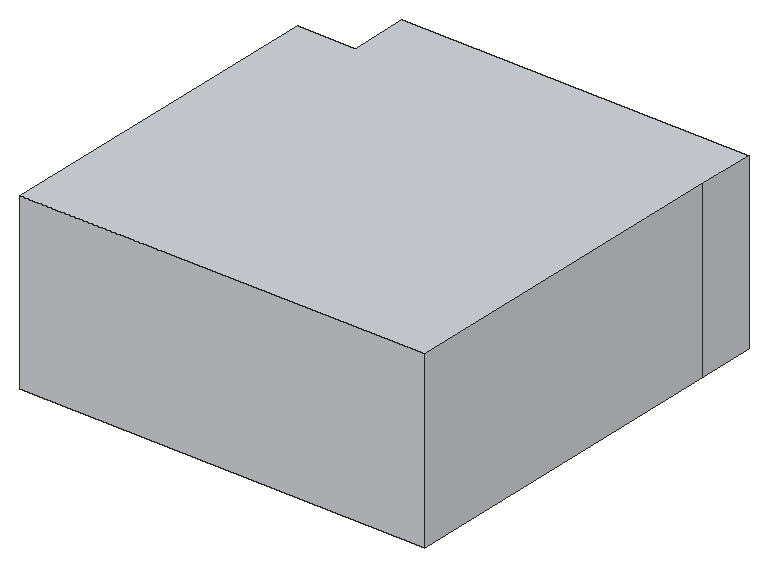
Revit family "M_Cotovelo de extremidade curva de caveto acentuado retangular - DTL", category Conexões de duto, Revit 2019
Family settings
  Cota do conector redondo = Utilizar diâmetro
  Tipo de parte = Cotovelo
  Número OmniClass = 23.75.70.14
  Título OmniClass = Air Ductwork
  ID de item do Seek = Rectangular Sharp Throat Radius Heel Elbow - DTL-0000-CAN-ENU
  Com base no plano de trabalho = Não
  Sempre na vertical = Sim
  Corte com vazios quando carregada = Não
  Compartilhado = Não
Parameters (values of type "Padrão")
  Saída de largura [instance] = 900 mm
  Entrada de largura [instance] = 900 mm
  Raio do caveto 1 [instance] = if(Raio do caveto = 0 mm, 1 mm, Raio do caveto)  # 1 mm
  Raio do caveto [instance] = 0 mm
  Saída reta 1 [instance] = if(Saída reta = 0 mm, 1 mm, Saída reta)  # 150 mm
  Saída reta [instance] = 150 mm
  Entrada reta 1 [instance] = if(Entrada reta = 0 mm, 1 mm, Entrada reta)  # 150 mm
  Entrada reta [instance] = 150 mm
  Comprimento 9 [instance] = 9000 mm  # constant formula
  Comprimento 8 [instance] = Comprimento 1 + Saída reta 1 * cos(Ângulo)  # 901 mm
  Comprimento 7 [instance] = Comprimento 4 + Saída reta 1 * cos(Ângulo)  # 1 mm
  Comprimento 6 [instance] = Saída reta 1 * sin(Ângulo)  # 150 mm
  Comprimento 5 [instance] = Raio do caveto 1 - Raio do caveto 1 * cos(Ângulo)  # 1 mm
  Comprimento 4 [instance] = Raio do caveto 1 * sin(Ângulo)  # 1 mm
  Comprimento 3 [instance] = if(not(Ângulo = 90.00°), if(Comprimento 11 < if(Comprimento 13 < Comprimento 14, Comprimento 13, Comprimento 14) - Saída reta 1 / sin(Ângulo), Comprimento 11, Entrada reta 1), Comprimento 11)  # 901 mm
  Comprimento 2 [instance] = Raio do caveto 1 + Comprimento 9 - (Raio do caveto 1 + Saída de largura) * cos(Ângulo)  # 9001 mm
  Comprimento 16 [instance] = Saída de largura / 2 * sin(Ângulo)  # 450 mm
  Comprimento 15 [instance] = Saída de largura / 2 * cos(Ângulo)  # 0 mm
  Comprimento 14 [instance] = (Raio do caveto 1 + Saída de largura) * sin(Ângulo)  # 901 mm
  Comprimento 13 [instance] = if(not(Ângulo = 90.00°), (Raio do caveto 1 + Entrada de largura) * tan(Ângulo), (Raio do caveto 1 + Entrada de largura) * tan(90.00° - Ângulo))  # 0 mm
  Comprimento 12 [instance] = Comprimento 9 - Comprimento 10  # 8549 mm
  Comprimento 11 [instance] = abs(Comprimento 1 - abs((Raio do caveto 1 + Entrada de largura - (Raio do caveto 1 + Saída de largura) * cos(Ângulo))) * tan(90.00° - Ângulo))  # 901 mm
  Comprimento 10 [instance] = Comprimento 1 - ((Saída de largura / 2 * cos(Ângulo) + Comprimento 2 - Comprimento 9 + Entrada de largura / 2) * tan(90.00° - Ângulo) + Saída de largura / 2 * sin(Ângulo))  # 451 mm
  Comprimento 1 [instance] = (Raio do caveto 1 + Saída de largura) * sin(Ângulo)  # 901 mm
  Entrada de profundidade [instance] = 450 mm
  Assembly Code = ""
  Ângulo 1 [instance] = 90.00° - atan((Comprimento 8 - Comprimento 3) / (Comprimento 6 + Comprimento 2 - Comprimento 9 + Entrada de largura))  # 90.00°
  Ângulo [instance] = 90.00°
Reference planes
  plane 1 "Centro (Frente/Trás)": y = 0
  plane 2: z = 0
  plane 3 "Centro (Esquerda/Direita)": x = 0
  plane 4: x = -451
  plane 5: y = 450
  plane 6: y = -450
  plane 7: y = 451
  plane 8: x = -601
  plane 9: x = 450
  plane 10: y = 451
  plane 11: x = 450
  plane 12: y = 451
  plane 13: y = 601
  plane 14: x = -450
  plane 15: y = 601
  plane 16: x = 450
  plane 17: y = -8550
  plane 18: x = -450
  plane 19: z = 225
  plane 20: z = -225
  plane 21: x = -9000
  plane 22: y = 457.2
  plane 23: y = -457.2
  plane 24: y = 457.2
  plane 25: y = -457.2
  plane 26: y = 601
  plane 27: x = 0
Forms (mm)
  Extrusion 1, solid, detail levels medium+fine
    sketch origin (0, 0, 0) x (1, 0, 0) y (0, 1, 0)
      loop
        line (-451, 450) -> (-601, 450) -> (-601, -450) -> (450, -450) -> (450, 451) -> (450, 601) -> (-450, 601) -> (-450, 451)
        arc (-450, 451) -> (-450.293, 450.293) -> (-451, 450) r 1
    from -225 to 225
Lines and regions (mm)
  reference lines
    curve 1: arc (-451, 450, 0) -> (-450.293, 450.293, 0) -> (-450, 451, 0) r 1
    curve 2: line (-450, 601, 0) -> (-450, 451, 0)
    curve 3: line (-450, 601, 0) -> (450, 601, 0)
    curve 4: line (450, 601, 0) -> (450, 451, 0)
    curve 5: line (-450, 601, 0) -> (-450, 451, 0)
    curve 6: line (450, 553.673, 0) -> (450, 601, 0)
  model lines, detail levels coarse
    curve 7: line (0, 601, 0) -> (0, 0, 0)
    curve 8: line (-601, 0, 0) -> (0, 0, 0)
Dimensions and locks
  equal spacing: plane 5, plane 1 "Centro (Frente/Trás)", plane 6
  "Entrada de largura": plane 5 to plane 6
  "Raio do caveto 1": plane 7 to plane 5
  "Entrada reta 1": plane 8 to plane 4
  "Comprimento 1": plane 4 to plane 9
  "Comprimento 6": plane 13 to plane 12
  "Comprimento 6": plane 15 to plane 10
  "Comprimento 7": plane 4 to plane 14
  "Comprimento 8": plane 4 to plane 16
  "Comprimento 5": plane 12 to plane 5
  "Comprimento 3": plane 4 to plane 11
  "Comprimento 9": plane 5 to plane 17
  "Comprimento 2": plane 10 to plane 17
  "Comprimento 4": plane 4 to plane 18
  equal spacing: plane 19, plane 2, plane 20
  "Entrada de profundidade": plane 19 to plane 20
  "Comprimento 9": plane 21 to plane 3 "Centro (Esquerda/Direita)"
  "Comprimento 12": plane 21 to plane 4
  equal spacing: plane 22, plane 1 "Centro (Frente/Trás)", plane 23
  equal spacing: plane 24, plane 1 "Centro (Frente/Trás)", plane 25
  "Comprimento 15": plane 13 to plane 26
  "Comprimento 16": plane 14 to plane 27
  "Raio do caveto 1": radius of curve 1
  "Raio do caveto 1": radius of Extrusion 1 sketch curve
  "Ângulo": angle curve 1 to curve 1
  "Ângulo": angle Extrusion 1 sketch curve to Extrusion 1 sketch curve
  aligned and locked: plane 4 to curve 1  (x2)
  aligned and locked: plane 13 to curve 3
  aligned and locked: curve 3 to plane 14
  aligned and locked: plane 16 to curve 3
  aligned and locked: plane 5 to curve 1
  aligned and locked: plane 15 to curve 4
  aligned and locked: plane 10 to curve 4
  aligned and locked: plane 9 to curve 4
  aligned and locked: plane 5 to Extrusion 1 sketch curve
  aligned and locked: plane 4 to Extrusion 1 sketch curve  (x2)
  aligned and locked: Extrusion 1 sketch curve to plane 5
  aligned and locked: Extrusion 1 sketch curve to plane 8
  aligned and locked: plane 13 to Extrusion 1 sketch curve
  aligned and locked: plane 10 to Extrusion 1 sketch curve
  aligned and locked: plane 9 to Extrusion 1 sketch curve
  aligned and locked: plane 6 to Extrusion 1 sketch curve
  aligned and locked: plane 15 to Extrusion 1 sketch curve
  aligned and locked: plane 16 to Extrusion 1 sketch curve
  aligned and locked: Extrusion 1 sketch curve to plane 14
  aligned and locked: plane 11 to Extrusion 1 sketch curve
  aligned and locked: plane 8 to Extrusion 1 sketch curve
  aligned and locked: Extrusion 1 sketch curve to plane 6
  aligned and locked: Extrusion 1 to plane 20
  aligned and locked: plane 19 to Extrusion 1
  aligned and locked: plane 26 to curve 7
  aligned and locked: plane 27 to curve 7
  aligned and locked: plane 1 "Centro (Frente/Trás)" to curve 7
  aligned and locked: plane 3 "Centro (Esquerda/Direita)" to curve 8
  aligned and locked: plane 8 to curve 8
  aligned and locked: plane 1 "Centro (Frente/Trás)" to curve 8
Automatic sketch dimensions
  curve 6 to curve 6 = 47.327 mm
Connectors
  hvac at (-601, 0, 0), driven by "Entrada de largura", driven by "Entrada de profundidade", driven by "Ângulo"
    settings: on Extrusion 1, index 1, duct flow 0.0 L/s, flow factor 0, pres drop 0.0 Pa, loss coef 0, conn angle 90.00°, conn width 900 mm, conn height 450 mm, conn diameter 609.6 mm, duct sys type 28, conn prof type 1, flow config 0, flow direction 0, loss method 0, conn ref index 2, conn util no, is conn primary yes, conn desc ""
  hvac at (0, 601, 0), driven by "Saída de largura", driven by "Entrada de profundidade", driven by "Ângulo"
    settings: on Extrusion 1, index 2, duct flow 0.0 L/s, flow factor 0, pres drop 0.0 Pa, loss coef 0, conn angle 90.00°, conn width 900 mm, conn height 450 mm, conn diameter 609.6 mm, duct sys type 28, conn prof type 1, flow config 0, flow direction 0, loss method 0, conn ref index 1, conn util no, is conn primary no, conn desc ""
